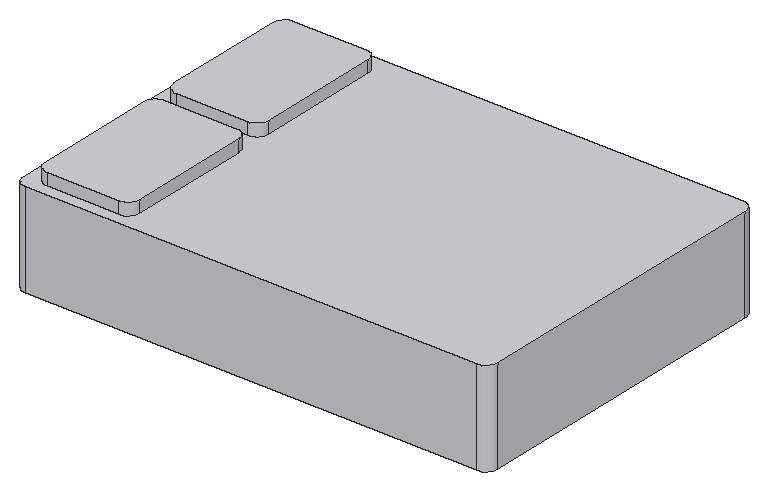
Revit family "Bed", category Furniture, Revit 2021
Family settings
  OmniClass Number = 23.40.20.00
  OmniClass Title = General Furniture and Specialties
  Work Plane-Based = Yes
  Always vertical = Yes
  Cut with Voids When Loaded = No
  Shared = No
  Room Calculation Point = No
Parameters (values of type "1400x2000mm")
  Single bed = no
  Pillow materiale = none
  Double bed = yes
  Distance from wall = 50 mm
  Default Elevation = 0 mm
  Creator Build [instance] = "2018.0420.0"  # constant formula
  Corner rounding = 50 mm
  Bed width = 1400 mm
  Bed materiale = none
  Bed length = 2000 mm
Types (5, lengths in mm): name | Single bed | Double bed | Bed width
  900x2000mm | yes | no | 900
  1600x2000mm | no | yes | 1600
  1800x2000mm | no | yes | 2000
  800x2000mm | yes | no | 800
  1400x2000mm | no | yes | 1400
Reference planes
  plane 1 "Center (Front/Back)": y = 0
  plane 2: z = 0
  plane 3 "Center (Left/Right)": x = 0
  plane 4: y = 700
  plane 5: y = -700
  plane 6 "Top bed": z = 400
  plane 7: x = 50
  plane 8 "Bed length": x = 2050
Forms (mm)
  Extrusion 1, solid, material <- "Bed materiale"
    sketch origin (0, 0, 0) x (1, 0, 0) y (0, 1, 0)
      loop
        arc (100, 700) -> (64.645, 685.355) -> (50, 650) r 50
        line (50, 650) -> (50, -650)
        arc (50, -650) -> (64.645, -685.355) -> (100, -700) r 50
        line (100, -700) -> (2000, -700)
        arc (2000, -700) -> (2035.355, -685.355) -> (2050, -650) r 50
        line (2050, -650) -> (2050, 650)
        arc (2050, 650) -> (2035.355, 685.355) -> (2000, 700) r 50
        line (2000, 700) -> (100, 700)
    from 0 to 400
  Extrusion 2, solid, material <- "Pillow materiale", visible <- "Double bed"
    sketch origin (0, 0, 400) x (-1, 0, 0) y (0, -1, 0)
      loop
        line (-150, 650) -> (-450, 650)
        arc (-450, 650) -> (-485.355, 635.355) -> (-500, 600) r 50
        line (-500, 600) -> (-500, 80)
        arc (-500, 80) -> (-485.355, 44.645) -> (-450, 30) r 50
        line (-450, 30) -> (-150, 30)
        arc (-150, 30) -> (-114.645, 44.645) -> (-100, 80) r 50
        line (-100, 80) -> (-100, 600)
        arc (-100, 600) -> (-114.645, 635.355) -> (-150, 650) r 50
      loop
        arc (-150, -650) -> (-114.645, -635.355) -> (-100, -600) r 50
        line (-100, -600) -> (-100, -80)
        arc (-100, -80) -> (-114.645, -44.645) -> (-150, -30) r 50
        line (-150, -30) -> (-450, -30)
        arc (-450, -30) -> (-485.355, -44.645) -> (-500, -80) r 50
        line (-500, -80) -> (-500, -600)
        arc (-500, -600) -> (-485.355, -635.355) -> (-450, -650) r 50
        line (-450, -650) -> (-150, -650)
    from 0 to 50
  Extrusion 3, solid, material <- "Pillow materiale", visible <- "Single bed"
    sketch origin (0, 0, 400) x (-1, 0, 0) y (0, -1, 0)
      loop
        line (-150, 650) -> (-450, 650)
        arc (-450, 650) -> (-485.355, 635.355) -> (-500, 600) r 50
        line (-500, 600) -> (-500, -600)
        arc (-500, -600) -> (-485.355, -635.355) -> (-450, -650) r 50
        line (-450, -650) -> (-150, -650)
        arc (-150, -650) -> (-114.645, -635.355) -> (-100, -600) r 50
        line (-100, -600) -> (-100, 600)
        arc (-100, 600) -> (-114.645, 635.355) -> (-150, 650) r 50
    from 0 to 50
Dimensions and locks
  "Distance from wall": plane 3 "Center (Left/Right)" to Extrusion 1 sketch curve
  equal spacing: plane 4, plane 1 "Center (Front/Back)", plane 5
  "Bed width": plane 4 to plane 5
  "Corner rounding": plane 5 to Extrusion 2 sketch curve
  "Corner rounding": Extrusion 1 to Extrusion 2 sketch curve  (x2)
  "Corner rounding": plane 4 to Extrusion 2 sketch curve
  locked: Extrusion 3 sketch curve to Extrusion 3 sketch curve at 400
  "Corner rounding": Extrusion 1 to Extrusion 3 sketch curve
  "Corner rounding": plane 4 to Extrusion 3 sketch curve
  "Corner rounding": plane 5 to Extrusion 3 sketch curve
  locked: Extrusion 2 sketch curve to Extrusion 2 sketch curve at 400  (x2)
  equal spacing: Extrusion 2 sketch curve, plane 1 "Center (Front/Back)", Extrusion 2 sketch curve
  "Distance from wall": plane 3 "Center (Left/Right)" to plane 7
  "Bed length": plane 7 to plane 8 "Bed length"
  "Corner rounding": radius of Extrusion 1 sketch curve  (x4)
  "Corner rounding": radius of Extrusion 2 sketch curve  (x8)
  "Corner rounding": radius of Extrusion 3 sketch curve  (x4)
  aligned and locked: level to plane 2
  aligned and locked: Extrusion 1 sketch curve to plane 4
  aligned and locked: Extrusion 1 sketch curve to plane 5
  aligned and locked: plane 6 "Top bed" to Extrusion 1
  aligned and locked: plane 8 "Bed length" to Extrusion 1
Automatic sketch dimensions
  Extrusion 1 sketch curve to plane 8 "Bed length" = 0 mm
  Extrusion 2 sketch curve to plane 1 "Center (Front/Back)" = 80 mm
